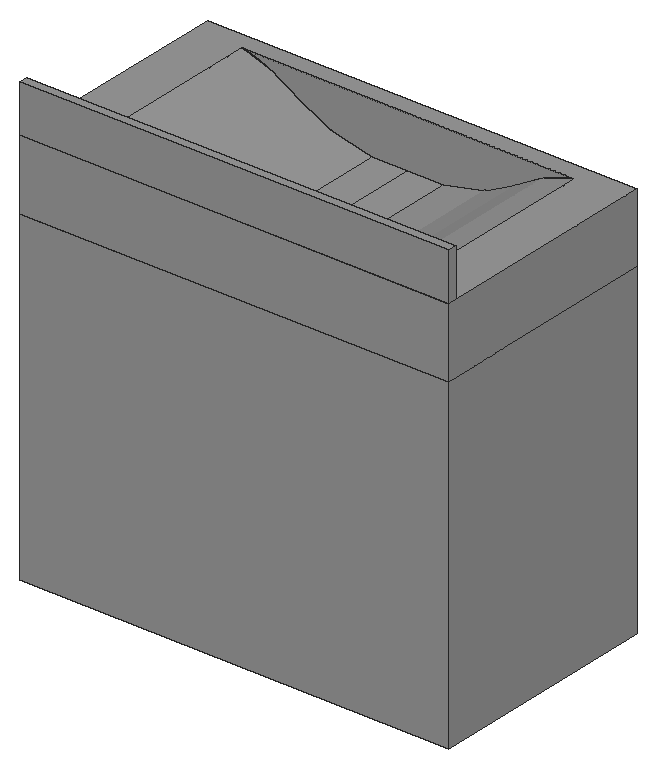
Revit family "Single Sink Vanity 794mm_Wall Hung", category Casework, host Wall, Revit 2025
Family settings
  Host = Wall
  OmniClass Number = 23.40.35.00
  OmniClass Title = Casework
  Always vertical = Yes
  Cut with Voids When Loaded = No
  Shared = No
  Room Calculation Point = No
Parameters (values of type "Single Sink Vanity 794mm_Wall Hung")
  Mirror Height = 0' - 4.06299"
  Length = 3' - 6"
  Height = 2' - 9.46457"
  Depth = 1' - 7.68504"
  Default Elevation = 0' - 0"
  Cabinet Mullions = 0' - 0 3/4"
Types (2): name
  Single Sink Vanity 794mm_Wall Hung
  Single Sink Vanity 24"_Wall Hung
Reference planes (in)
  plane 1: y = 0
  plane 2 "Center (Left/Right)": x = 0
  plane 3 "Left": x = -2.50394
  plane 4 "Right": x = 39.49606
  plane 5 "Front": y = 22.68504
  plane 6 "Back": y = 3
  plane 7 "Top": z = 33.46457
Forms (in)
  Extrusion 1, void
    sketch origin (39.49606, 22.68504, 0) x (1, 0, 0) y (0, 0, 1)
      loop
        line (-11.51067, 3.80859) -> (-11.51067, 26.80859) -> (-33.09021, 26.80859) -> (-33.09021, 3.80859) -> (-11.51067, 3.80859)
      loop
        line (-45.71076, 3.80859) -> (-33.84021, 3.80859) -> (-33.84021, 26.80859) -> (-45.71076, 26.80859) -> (-45.71076, 3.80859)
      loop
        line (-32.96521, 3.93359) -> (-11.63567, 3.93359) -> (-11.63567, 13.93359) -> (-32.96521, 13.93359) -> (-32.96521, 3.93359)
      loop
        line (-45.50807, 3.93359) -> (-33.96521, 3.93359) -> (-33.96521, 25.68359) -> (-45.50807, 25.68359) -> (-45.50807, 3.93359)
      loop
        line (-11.63567, 14.93359) -> (-11.63567, 25.68359) -> (-32.96521, 25.68359) -> (-32.96521, 14.93359) -> (-11.63567, 14.93359)
    from -12.56496 to 1.84682
  Extrusion 2, solid, material "Quartz Countertop, White"
    sketch origin (4.26772, 0, 0) x (1, 0, 0) y (0, 1, 0)
      loop
        line (-11.51181, 22.68504) -> (-11.51181, 3) -> (24.48819, 3) -> (24.48819, 22.68504) -> (-11.51181, 22.68504)
    from 27.55859 to 33.46484
  Extrusion 3, solid, material "Paint"
    sketch origin (-0.09375, 0, 0) x (1, 0, 0) y (0, 1, 0)
      loop
        line (-7.15034, 3) -> (28.84966, 3) -> (28.84966, 22.68504) -> (-7.15034, 22.68504) -> (-7.15034, 3)
    from 0 to 27.55859
  Extrusion 4, void
    sketch origin (1.76378, 22.68504, 0) x (-1, 0, 0) y (0, 0, -1)
      loop
        line (-22.98228, -33.46484) -> (-23.28617, -35.18826) -> (4.99803, -35.18826) -> (4.99803, -33.46484)
        spline (4.99803, -33.46484) -> (4.06083, -33.26881) -> (3.20315, -32.97858) -> (2.40255, -32.61341) -> (1.63657, -32.19253) -> (0.88273, -31.73518) -> (0.11859, -31.26062) -> (-0.67831, -30.78808) -> (-1.53044, -30.33681) -> (-2.46025, -29.92604) -> (-3.4902, -29.57503) -> (-4.64276, -29.30301) -> (-5.94038, -29.12923)
        line (-5.94038, -29.12923) -> (-8.94038, -29.12923) -> (-11.94038, -29.12923)
        spline (-11.94038, -29.12923) -> (-13.24917, -29.30023) -> (-14.41203, -29.57073) -> (-15.45155, -29.92128) -> (-16.39029, -30.33239) -> (-17.25085, -30.78459) -> (-18.0558, -31.25841) -> (-18.82773, -31.73438) -> (-19.58921, -32.19302) -> (-20.36282, -32.61486) -> (-21.17115, -32.98042) -> (-22.03678, -33.27024) -> (-22.98228, -33.46484)
    from 1.48177 to 15.74504
  Extrusion 5, solid, material "Quartz Countertop, White"
    sketch origin (4.26772, 0, 33.46484) x (1, 0, 0) y (0, 1, 0)
      loop
        line (24.48819, 3) -> (24.48819, 3.75) -> (-11.51181, 3.75) -> (-11.51181, 3) -> (24.48819, 3)
    from 0 to 4
Cuts and joins
  Extrusion 1 cuts Extrusion 3
  Extrusion 4 cuts Extrusion 2
Lines and regions (in)
  reference lines
    curve 1: line (28.75591, 3, 33.46484) -> (28.75591, 3, 77.46484)
    curve 2: line (-7.24409, 3, 33.46484) -> (-7.24409, 3, 76.46484)
    curve 3: line (24.74606, 36.93504, 0) -> (24.74606, -6.31496, 0)
    curve 4: line (-7.24409, 22.68504, 25.30859) -> (28.75591, 22.68504, 25.30859)
Text (in)
  text "Placement Side" at (0, 40.15149, 123.01588), in view "Right"
  text "Placement Side" at (-65.09404, 56.76262, 0), in view "Ref. Level"
  text "Placement Side" at (0, 47.49176, 112.82392), in view "Left"
Dimensions and locks (in)
  locked: host wall to plane 6 "Back"
  "Depth": plane 6 "Back" to plane 5 "Front"
  plane 3 "Left" to plane 2 "Center (Left/Right)" to plane 4 "Right" = 0' - 2.50394", 3' - 3.49606"
  "Length": plane 3 "Left" to plane 4 "Right"
  "Height": plane 7 "Top" to level
  level to plane 7 "Top" = 2' - 9.46457"
Automatic sketch dimensions
  plane 4 "Right" to curve 1 = 0' - 10.74016"
  plane 7 "Top" to curve 2 = 0' - 0.00028"
  curve 2 to plane 2 "Center (Left/Right)" = 0' - 7.24409"
  plane 7 "Top" to curve 1 = 0' - 0.00028"
  curve 2 to curve 2 = 3' - 7"
  curve 2 to curve 1 = 0' - 1"
  host wall to curve 3 = 0' - 3.31496"
  plane 4 "Right" to curve 3 = 1' - 2 3/4"
  curve 3 to plane 5 "Front" = 1' - 2 1/4"
  Extrusion 2 sketch curve to host wall = 0' - 0"
  plane 3 "Left" to Extrusion 2 sketch curve = 0' - 4.74016"
  plane 5 "Front" to Extrusion 2 sketch curve = 0' - 0"
  plane 4 "Right" to Extrusion 2 sketch curve = 0' - 10.74016"
  plane 3 "Left" to Extrusion 3 sketch curve = 0' - 4.74016"
  plane 5 "Front" to Extrusion 3 sketch curve = 0' - 0"
  Extrusion 3 sketch curve to host wall = 0' - 0"
  plane 4 "Right" to Extrusion 3 sketch curve = 0' - 10.74016"
  plane 3 "Left" to curve 4 = 0' - 4.74016"
  curve 4 to plane 7 "Top" = 0' - 8.15597"
  plane 4 "Right" to curve 4 = 0' - 10.74016"
  Extrusion 4 sketch curve to Extrusion 2 = 0' - 0"  (x2)
  Extrusion 2 to Extrusion 4 sketch curve = 0' - 1.72341"
  Extrusion 2 to Extrusion 4 sketch curve = 0' - 3.70596"
  Extrusion 4 sketch curve to Extrusion 4 sketch curve = 0' - 0.30388"
  Extrusion 4 sketch curve to Extrusion 4 sketch curve = 1' - 2.04191"
  Extrusion 4 sketch curve to Extrusion 4 sketch curve = 0' - 3"  (x2)
  Extrusion 2 to Extrusion 4 sketch curve = 0' - 4.00984"
  Extrusion 4 sketch curve to Extrusion 2 = 0' - 1.57063"
  plane 3 "Left" to Extrusion 1 sketch curve = 0' - 3.71076"
  Extrusion 1 sketch curve to Extrusion 1 sketch curve = 0' - 0.20269"
  plane 2 "Center (Left/Right)" to Extrusion 1 sketch curve = 0' - 5.53085"
  Extrusion 1 sketch curve to Extrusion 1 sketch curve = 0' - 0 1/8"  (x4)
  Extrusion 1 sketch curve to Extrusion 1 sketch curve = 0' - 0 3/4"
  Extrusion 1 sketch curve to Extrusion 1 sketch curve = 0' - 1"  (x2)
  Extrusion 1 sketch curve to Extrusion 1 sketch curve = 0' - 0"  (x2)
  plane 4 "Right" to Extrusion 1 sketch curve = 0' - 11.63567"  (x2)
  level to Extrusion 1 sketch curve = 0' - 3 207/256"  (x2)
  Extrusion 1 sketch curve to Extrusion 1 sketch curve = 0' - 10"
  Extrusion 1 sketch curve to plane 7 "Top" = 0' - 7.78097"  (x2)
  Extrusion 1 sketch curve to Extrusion 1 sketch curve = 0' - 1 1/8"
  Extrusion 5 sketch curve to Extrusion 2 = 0' - 0"  (x3)
  Extrusion 5 sketch curve to Extrusion 2 = 0' - 0 3/4"
